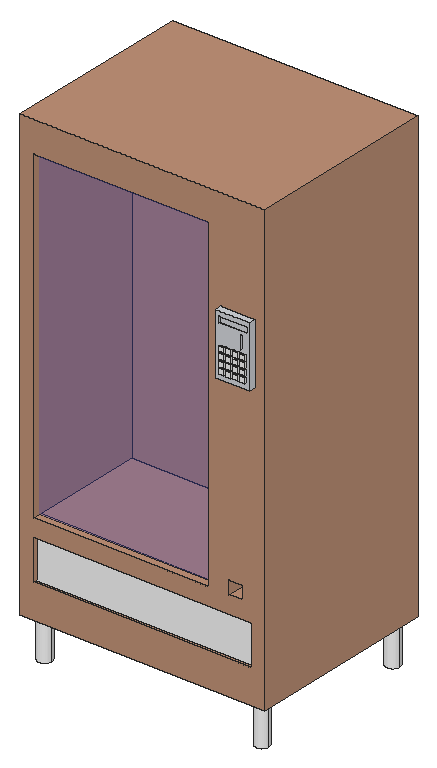
Revit family
Parameters
  Assembly Code = ""
Reference planes
  plane 1 "Centre Av/Ar": y = 83.764
  plane 2: z = 0
  plane 3 "Centre G/D": x = -18.475
  plane 4: x = -475.675
  plane 5: x = 438.725
  plane 6: y = 439.364
  plane 7: y = -271.836
  plane 8: y = 388.564
  plane 9: x = -424.875
  plane 10: y = -221.036
  plane 11: x = 387.925
  plane 12: x = 311.244
  plane 13: x = 317.594
  plane 14: x = 336.644
  plane 15: x = 342.994
  plane 16: x = 362.044
  plane 17: x = 368.394
  plane 18: z = 1336.363
  plane 19: z = 1241.113
  plane 20: x = 292.194
  plane 21: x = 387.444
  plane 22: z = 1291.913
  plane 23: z = 1285.647
  plane 24: z = 1317.313
  plane 25: z = 1310.963
  plane 26: z = 1266.678
  plane 27: z = 1260.328
Forms (mm)
  Extrusion 1, solid, material "Plastique - Marron"
    sketch origin (0, 0, 0) x (1, 0, 0) y (0, 1, 0)
      loop
        line (-475.675, 439.364) -> (-475.675, -271.836) -> (438.725, -271.836) -> (438.725, 439.364) -> (-475.675, 439.364)
    from 152.4 to 1828.8
  Extrusion 2, solid, material "Métal - Acier inoxydable"
    sketch origin (0, 0, 0) x (1, 0, 0) y (0, 1, 0)
      loop
        circle (-424.875, 388.564) r 25.4
      loop
        circle (387.925, 388.564) r 25.4
      loop
        circle (387.925, -221.036) r 25.4
      loop
        circle (-424.875, -221.036) r 25.4
    from 0 to 152.4
  Extrusion 3, void
    sketch origin (-475.675, -271.836, 1828.8) x (0, 0, -1) y (1, 0, 0)
      loop
        line (116.223, 50.8) -> (1335.423, 50.8) -> (1335.423, 703.657) -> (116.223, 703.657) -> (116.223, 50.8)
    from 0 to -457.2
  Extrusion 4, solid, material "Verre"
    sketch origin (-475.675, -271.836, 1828.8) x (0, 0, -1) y (1, 0, 0)
      loop
        line (116.223, 50.8) -> (1335.423, 50.8) -> (1335.423, 703.657) -> (116.223, 703.657) -> (116.223, 50.8)
    from -25.4 to -31.75
  Extrusion 5, void
    sketch origin (-475.675, -271.836, 1828.8) x (0, 0, -1) y (1, 0, 0)
      loop
        line (1399.934, 50.8) -> (1550.127, 50.8) -> (1550.127, 863.6) -> (1399.934, 863.6) -> (1399.934, 50.8)
    from 0 to -457.2
  Extrusion 6, solid, material "Métal - Acier inoxydable"
    sketch origin (-475.675, -271.836, 1828.8) x (0, 0, -1) y (1, 0, 0)
      loop
        line (1399.934, 50.8) -> (1550.127, 50.8) -> (1550.127, 863.6) -> (1399.934, 863.6) -> (1399.934, 50.8)
    from -12.7 to -25.4
  Extrusion 7, solid
    sketch origin (-475.675, -271.836, 1828.8) x (0, 0, -1) y (1, 0, 0)
      loop
        line (380.472, 750.991) -> (609.072, 750.991) -> (609.072, 877.991) -> (380.472, 877.991) -> (380.472, 750.991)
    from 0 to 25.4
  Extrusion 8, void
    sketch origin (-475.675, -271.836, 1828.8) x (0, 0, -1) y (1, 0, 0)
      loop
        line (396.279, 762.02) -> (421.679, 762.02) -> (421.679, 869.97) -> (396.279, 869.97) -> (396.279, 762.02)
    from 25.4 to 19.05
  Extrusion 9, void
    sketch origin (-475.675, -271.836, 1828.8) x (0, 0, -1) y (1, 0, 0)
      loop
        line (431.027, 844.684) -> (481.827, 844.684) -> (481.827, 851.034) -> (431.027, 851.034) -> (431.027, 844.684)
    from 25.4 to 3.175
  Extrusion 10, void
    sketch origin (-475.675, -271.836, 1828.8) x (0, 0, -1) y (1, 0, 0)
      loop
        line (1336.739, 780.44) -> (1336.739, 831.24) -> (1285.939, 831.24) -> (1285.939, 780.44) -> (1336.739, 780.44)
    from 0 to -101.6
  Extrusion 11, solid, material "Métal - Acier inoxydable"
    sketch origin (-475.675, -297.236, 1828.8) x (0, 0, -1) y (1, 0, 0)
      loop
        line (492.437, 767.87) -> (511.487, 767.87) -> (511.487, 786.92) -> (492.437, 786.92) -> (492.437, 767.87)
      loop
        line (587.687, 767.87) -> (587.687, 786.92) -> (568.472, 786.92) -> (568.472, 767.87) -> (587.687, 767.87)
      loop
        line (587.687, 863.12) -> (568.472, 863.12) -> (568.472, 844.07) -> (587.687, 844.07) -> (587.687, 863.12)
      loop
        line (492.437, 863.12) -> (492.437, 844.07) -> (511.487, 844.07) -> (511.487, 863.12) -> (492.437, 863.12)
      loop
        line (587.687, 793.27) -> (587.687, 812.32) -> (568.472, 812.32) -> (568.472, 793.27) -> (587.687, 793.27)
      loop
        line (587.687, 818.67) -> (587.687, 837.72) -> (568.472, 837.72) -> (568.472, 818.67) -> (587.687, 818.67)
      loop
        line (517.837, 767.87) -> (536.887, 767.87) -> (536.887, 786.92) -> (517.837, 786.92) -> (517.837, 767.87)
      loop
        line (543.153, 767.87) -> (562.122, 767.87) -> (562.122, 786.92) -> (543.153, 786.92) -> (543.153, 767.87)
      loop
        line (492.437, 793.27) -> (511.487, 793.27) -> (511.487, 812.32) -> (492.437, 812.32) -> (492.437, 793.27)
      loop
        line (492.437, 818.67) -> (511.487, 818.67) -> (511.487, 837.72) -> (492.437, 837.72) -> (492.437, 818.67)
      loop
        line (517.837, 863.12) -> (517.837, 844.07) -> (536.887, 844.07) -> (536.887, 863.12) -> (517.837, 863.12)
      loop
        line (543.153, 863.12) -> (543.153, 844.07) -> (562.122, 844.07) -> (562.122, 863.12) -> (543.153, 863.12)
      loop
        line (562.122, 837.72) -> (543.153, 837.72) -> (543.153, 818.67) -> (562.122, 818.67) -> (562.122, 837.72)
      loop
        line (562.122, 793.27) -> (562.122, 812.32) -> (543.153, 812.32) -> (543.153, 793.27) -> (562.122, 793.27)
      loop
        line (536.887, 837.72) -> (517.837, 837.72) -> (517.837, 818.67) -> (536.887, 818.67) -> (536.887, 837.72)
      loop
        line (536.887, 812.32) -> (517.837, 812.32) -> (517.837, 793.27) -> (536.887, 793.27) -> (536.887, 812.32)
    from 0 to 6.152
Cuts and joins
  Extrusion 3, Extrusion 5, Extrusion 8, Extrusion 9, Extrusion 10 cuts Extrusion 1
  Extrusion 3, Extrusion 5, Extrusion 8, Extrusion 9, Extrusion 10 cuts Extrusion 2
  Extrusion 5, Extrusion 8, Extrusion 9, Extrusion 10 cuts Extrusion 4
  Extrusion 8, Extrusion 9, Extrusion 10 cuts Extrusion 6
  Extrusion 8, Extrusion 9, Extrusion 10 cuts Extrusion 7
Lines and regions (mm)
  Masking region 1
    outline origin (0, 0, 0) x (1, 0, 0) y (0, 1, 0)
      loop
        line (438.725, 439.364) -> (-475.675, 439.364) -> (-475.675, -271.836) -> (438.725, -271.836) -> (438.725, 439.364)
  Masking region 2, detail levels medium+fine
    outline origin (0, 0, 0) x (1, 0, 0) y (0, 1, 0)
      loop
        line (275.316, -271.836) -> (275.316, -297.236) -> (402.316, -297.236) -> (402.316, -271.836) -> (275.316, -271.836)
Dimensions and locks
  aligned and locked: Masking region 1 sketch curve to cut or joined group of Extrusion 1, Extrusion 3, Extrusion 5, Extrusion 8, Extrusion 9, Extrusion 10  (x4)
  aligned and locked: Masking region 2 sketch curve to cut or joined group of Extrusion 7, Extrusion 8, Extrusion 9, Extrusion 10  (x4)
